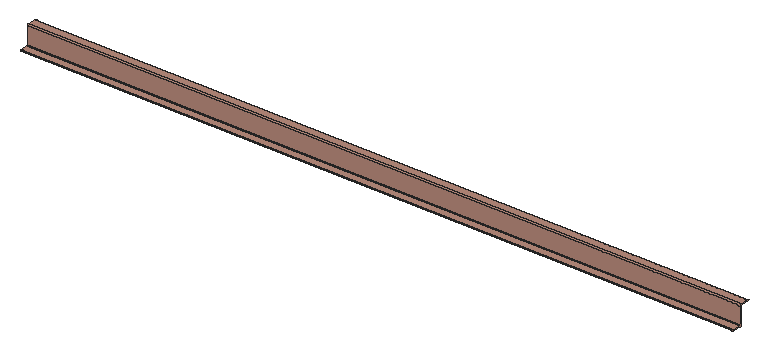
Revit family "ArmaGirt_Z-Girt", category Specialty Equipment, host Face, Revit 2024
Family settings
  Host = Face
  Round Connector Dimension = Use Diameter
  Part Type = Normal
  Enable Cutting in Views = No
  Cut with Voids When Loaded = No
  Maintain Annotation Orientation = No
  Shared = No
  Room Calculation Point = No
Parameters (values of type "76.2mm")
  _ObjectUserGuide = ""
  _DistributedBy = "www.bimstore.co"
  _CurrentRevision = 1
  _CreatedBy = "www.bimstore.co"
  _BimSpecGuid = 0
  _BSBibleVersion = 16
  _AuthorizedBy = "bimstore"
  _Author = "AM"
  WaterAbsorption = "0.6% max"
  WarrantyStartDate [instance] = "Please record on commissioning"
  WarrantyGuarantorParts = "info@armatherm.com"
  WarrantyGuarantorLabor = "info@armatherm.com"
  WarrantyDurationUnit = "Year"
  WarrantyDurationParts = "0"
  WarrantyDurationLabor = "0"
  WarrantyDescription = "n/a"
  Thickness = 4.00 mm
  StructuralThermalBreakMaterial = Armadillo_StructuralThermalBreak_Armatherm_Z-Girt
  Product data url = "https://www.bimobject.com/armatherm/product/z-girt-structural-thermal-break-cladding-attachment"
  OuterRadius = 4.60 mm  # constant formula
  NBSOfficeMasterTag = "n/a"
  URL = "https://www.armatherm.co.uk/"
  TypeName = Type Comments  # "Structural thermal break"
  Type Comments = "Structural thermal break"
  SpareParts = "n/a"
  Size = "n/a"
  Shape = "n/a"
  SerialNumber [instance] = "Please record on commissioning"
  ReplacementCost = "n/a"
  ReferencedStandard = "n/a"
  ProductionYear = "2020"
  NominalDepth = Depth  # 76.20 mm
  NBSReference = "45-75-42/399"
  NBSObjectName = "Armadillo Thermal break connection plates"
  NBSNote = ""
  NBSDescription = "Thermal break connection plates"
  ModelReference = Type Comments  # "Structural thermal break"
  ModelNumber = Model  # "Z-Girt"
  Model = "Z-Girt"
  Material = "Thermoset resin"
  ManufacturerName = "Armadillo"
  Manufacturer = "Armadillo"
  Length [instance] = 2743.20 mm
  Keynote = "G"
  InstallationDate [instance] = "Please record on commissioning"
  InnerRadius = 1.80 mm  # constant formula
  IfcExportType = "USERDEFINED"
  IfcExportAs = "IfcBuildingElementProxyType"
  Height = (C * 2) - Thickness  # 72.00 mm
  Grade = "n/a"
  FlexuralStrength = "230 MPa"
  FlexuralModulus = "not less than 11035 MPa"
  FlammabilityClassification = "V0"
  Finish = "n/a"
  Features = "n/a"
  ExpectedLife = 0
  DurationUnit = "Year"
  DocumentationTechnical = "https://www.bimstore.co/products/armatherm-z-girt-structural-thermal-break/document/technical-data-sheet"
  DocumentationMaintenance = "https://www.armatherm.co.uk/"
  DocumentationLiterature = "https://www.bimstore.co/products/armatherm-z-girt-structural-thermal-break/document/product-literature"
  DocumentationInstallationGuide = "https://www.armatherm.co.uk/"
  DocumentationCertificates = "https://www.armatherm.co.uk/"
  Description = "Armatherm thermally broken cladding support connection solutions prevent excessive heat flow and potential condensation problems otherwise associated with thermal bridging. "
  Depth = 76.20 mm
  Density = "1.8-2.0 gr/cm³"
  CreatedOn = "2020-01-01 T09:00:00"
  CreatedBy = "info@armatherm.com"
  NominalLength [instance] = Length  # 2743.20 mm
  NominalHeight = Thickness  # 4.00 mm
  Default Elevation = 1200.00 mm
  Constituents = "n/a"
  Color = "n/a"
  CodePerformance = "n/a"
  ClassificationValue = "Pr_35_90_15_89"
  ClassificationName = "Uniclass2015"
  C = 38.00 mm
  BarCode [instance] = "Please record on commissioning"
  BIMObjectName = "Armadillo_StructuralThermalBreak_Armatherm_Z-Girt"
  AssetType = "Fixed"
  AssetIdentifier [instance] = "Please record on commissioning"
  Assembly Code = "B"
  AccessibilityPerformance = "n/a"
Types (6, lengths in mm): name | Thickness | NominalDepth | Height | Depth | NominalHeight | C
  (no name) | 4.00 | 76.20 | 72.00 | 76.20 | 4.00 | 38.00
  38.1mm | 4.00 | 38.10 | 72.00 | 38.10 | 4.00 | 38.00
  50.8mm | 4.00 | 50.80 | 72.00 | 50.80 | 4.00 | 38.00
  63.5mm | 4.00 | 63.50 | 72.00 | 63.50 | 4.00 | 38.00
  76.2mm | 4.00 | 76.20 | 72.00 | 76.20 | 4.00 | 38.00
  101.6mm | 5.00 | 101.60 | 97.00 | 101.60 | 5.00 | 51.00
Reference planes
  plane 1 "Center (Front/Back)": y = 0
  plane 2: z = 0
  plane 3 "Center (Left/Right)": x = 0
  plane 4: x = -1371.6
  plane 5: x = 1371.6
  plane 6: z = 38.1
  plane 7: z = 76.2
  plane 8: y = 36
  plane 9: y = -36
  plane 10: z = 4
  plane 11: z = 72.2
  plane 12: y = 2
  plane 13: y = -2
Forms (mm)
  Sweep 1, solid, material "Armadillo_StructuralThermalBreak_Armatherm_Z-Girt" <- "StructuralThermalBreakMaterial", detail levels medium+fine
    path origin (0, 0, 0) x (1, 0, 0) y (0, 1, 0)
      loop
        line (-1371.6, 0) -> (1371.6, 0)
    profile origin (0, 0, 0) x (0, 1, 0) y (0, 0, 1)
      loop
        arc (2.6, 76.2) -> (-0.653, 74.853) -> (-2, 71.6) r 4.6
        line (-2, 71.6) -> (-2, 5.8)
        arc (-2, 5.8) -> (-2.527, 4.527) -> (-3.8, 4) r 1.8
        line (-3.8, 4) -> (-34, 4)
        arc (-34, 4) -> (-35.414, 3.414) -> (-36, 2) r 2
        arc (-36, 2) -> (-35.414, 0.586) -> (-34, 0) r 2
        line (-34, 0) -> (-2.6, 0)
        arc (-2.6, 0) -> (0.653, 1.347) -> (2, 4.6) r 4.6
        line (2, 4.6) -> (2, 70.4)
        arc (2, 70.4) -> (2.527, 71.673) -> (3.8, 72.2) r 1.8
        line (3.8, 72.2) -> (34, 72.2)
        arc (34, 72.2) -> (35.414, 72.786) -> (36, 74.2) r 2
        arc (36, 74.2) -> (35.414, 75.614) -> (34, 76.2) r 2
        line (34, 76.2) -> (2.6, 76.2)
Dimensions and locks
  equal spacing: plane 7, plane 6, level
  "Depth": plane 7 to level
  "Thickness": plane 10 to level
  "Thickness": plane 7 to plane 11
  equal spacing: plane 12, plane 1 "Center (Front/Back)", plane 13
  "Thickness": plane 12 to plane 13
  "C": plane 12 to plane 9
  "C": plane 8 to plane 13
  equal spacing: plane 4, plane 3 "Center (Left/Right)", plane 5
  "Length": plane 4 to plane 5
  "OuterRadius": radius of Sweep 1 sketch curve  (x2)
  "InnerRadius": radius of Sweep 1 sketch curve  (x2)
  aligned and locked: plane 2 to host face
  aligned and locked: level to host face
  aligned and locked: plane 1 "Center (Front/Back)" to Sweep 1 sketch curve
  aligned and locked: plane 4 to Sweep 1 sketch curve
  aligned and locked: plane 5 to Sweep 1 sketch curve
  aligned and locked: plane 7 to Sweep 1 sketch curve
  aligned and locked: Sweep 1 sketch curve to plane 10
  aligned and locked: Sweep 1 sketch curve to level
  aligned and locked: Sweep 1 sketch curve to plane 11
  aligned and locked: plane 12 to Sweep 1 sketch curve
  aligned and locked: Sweep 1 sketch curve to plane 13
  aligned and locked: plane 8 to Sweep 1 sketch curve
  aligned and locked: plane 9 to Sweep 1 sketch curve
Automatic sketch dimensions
  host sketch curve to host sketch curve = 2500.00 mm  (x2)
  Sweep 1 sketch curve to Sweep 1 sketch curve = 0.00 mm  (x2)
